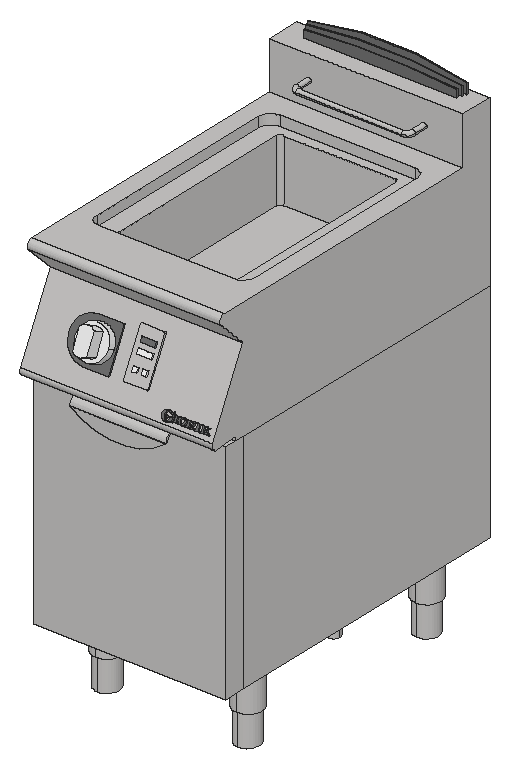
Revit family "QF_GIORIK_FE7113M", category Specialty Equipment, Revit 2014
Parameters (values of type "FE7113M")
  Weight in Pounds = 105.8218
  Watts = 12000 W
  Volts = 400 V
  URL Cutsheet = "www.giorik.com"
  URL = "www.giorik.com"
  Status [instance] = ""
  Specification by User [instance] = ""
  Specification by Manufacturer = ""
  Show Logo [instance] = yes
  Show Clearance [instance] = yes
  Serial Number = ""
  Seismic Rating = ""
  SMACNA No = ""
  Revision Code [instance] = ""
  Phase = 3
  Number of Poles [instance] = 3
  NAFEM Spec ID Number = ""
  Model = "FE7113M"
  Min Ckt Ampacity = 0 A
  Max Overcurrent Protection = 0 A
  Masterspec = ""
  Manufacturer = "GIORIK"
  Item Number [instance] = ""
  Installed By [instance] = ""
  Identify Quantity as Lot [instance] = no
  HP = "16.092240000000"
  Furnished By [instance] = ""
  Foodservice Equipment Identifier [instance] = yes
  FL Amps = 0 A
  Electrical Remarks [instance] = ""
  Electric Connection Type [instance] = ""
  Elec Conn RI Height [instance] = 0 mm
  Elec Conn Connection Height [instance] = 150 mm
  Description = "13 LITRE MELTING ELECTRIC FRYER."
  Cycle = 50 Hz
  Conn Plug = ""
  CSI MasterFormat = ""
  Assembly Code = "E1090320"
  Apparent Power = 12000 VA
Reference planes
  plane 1 "Back": y = 0
  plane 2: z = 0
  plane 3 "Left": x = 0
  plane 4 "Right": x = 400
  plane 5 "Front": y = -720
  plane 6 "Top": z = 900
Forms (mm)
  Extrusion 1, solid, visible <- "Show Logo"
    sketch origin (196.604, -736.761, 609.486) x (-1, 0, 0) y (0, 0.452718, 0.891654)
      loop
        line (-118.824, 58.358) -> (-127.804, 58.358) -> (-125.523, 56.445) -> (-125.523, 48.027) -> (-127.804, 46.113) -> (-118.824, 46.113) -> (-121.105, 48.027) -> (-121.105, 56.445) -> (-118.824, 58.358)
      loop
        line (-163.721, 58.358) -> (-172.7, 58.358) -> (-170.42, 56.445) -> (-170.42, 48.027) -> (-172.7, 46.113) -> (-163.721, 46.113) -> (-166.001, 48.027) -> (-166.001, 56.445) -> (-163.721, 58.358)
      loop
        line (-174.332, 58.358) -> (-183.312, 58.358) -> (-181.031, 56.445) -> (-181.031, 52.435) -> (-186.419, 56.955) -> (-184.416, 58.358) -> (-191.268, 58.358) -> (-188.01, 56.839) -> (-185.455, 54.283) -> (-190.846, 47.858) -> (-193.396, 46.93) -> (-193.396, 46.113) -> (-184.416, 46.113) -> (-185.437, 47.571) -> (-182.443, 51.552) -> (-181.031, 50.894) -> (-181.031, 48.027) -> (-183.312, 46.113) -> (-174.332, 46.113) -> (-176.613, 48.027) -> (-176.613, 56.445) -> (-174.332, 58.358)
      loop
        line (-115.429, 62.063) -> (-115.429, 54.198)
        arc (-115.429, 54.198) -> (-111.618, 57.803) -> (-106.847, 59.986) r 16.039
        arc (-106.847, 59.986) -> (-103.314, 59.837) -> (-100.512, 57.68) r 5.851
        arc (-100.512, 57.68) -> (-98.815, 52.267) -> (-100.512, 46.853) r 9.479
        arc (-100.512, 46.853) -> (-102.406, 44.986) -> (-104.846, 43.93) r 7.236
        arc (-104.846, 43.93) -> (-107.728, 44.111) -> (-110.052, 45.825) r 5.11
        line (-110.052, 45.825) -> (-110.052, 52.001) -> (-116.141, 52.001) -> (-116.141, 45.503) -> (-117.893, 43.751) -> (-114.094, 44.769)
        arc (-114.094, 44.769) -> (-112.56, 44.947) -> (-111.129, 44.366) r 3.115
        arc (-111.129, 44.366) -> (-104.216, 42.091) -> (-97.303, 44.366) r 11.641
        arc (-97.303, 44.366) -> (-93.396, 52.107) -> (-97.303, 59.849) r 9.622
        arc (-97.303, 59.849) -> (-104.369, 62.174) -> (-111.435, 59.849) r 11.898
        line (-111.435, 59.849) -> (-115.429, 62.063)
      loop
        arc (-129.234, 56.068) -> (-135.893, 58.628) -> (-142.552, 56.068) r 9.941
        arc (-142.552, 56.068) -> (-144.234, 52.286) -> (-142.552, 48.505) r 5.093
        arc (-142.552, 48.505) -> (-135.893, 45.945) -> (-129.234, 48.505) r 9.941
        arc (-129.234, 48.505) -> (-127.552, 52.286) -> (-129.234, 56.068) r 5.093
      loop
        arc (-132.628, 54.403) -> (-135.893, 57.668) -> (-139.158, 54.403) r 3.265
        line (-139.158, 54.403) -> (-139.158, 50.169)
        arc (-139.158, 50.169) -> (-135.893, 46.904) -> (-132.628, 50.169) r 3.265
        line (-132.628, 50.169) -> (-132.628, 54.403)
      loop
        arc (-156.363, 58.365) -> (-159.647, 55.081) -> (-156.363, 51.796) r 3.285
        line (-156.363, 51.796) -> (-159.529, 47.306) -> (-162.087, 46.113) -> (-155.847, 46.113) -> (-153.529, 51.083) -> (-150.637, 51.083) -> (-150.637, 47.784) -> (-153.022, 46.113) -> (-144.011, 46.113) -> (-146.094, 47.68) -> (-146.094, 56.493) -> (-144.229, 58.365) -> (-156.363, 58.365)
      loop
        line (-150.637, 57.512) -> (-153.637, 57.512)
        arc (-153.637, 57.512) -> (-156.237, 54.912) -> (-153.637, 52.312) r 2.6
        line (-153.637, 52.312) -> (-150.637, 52.312) -> (-150.637, 57.512)
      loop
        line (-108.924, 52.001) -> (-104.936, 49.005) -> (-100.948, 52.001) -> (-108.924, 52.001)
    from 1.5 to -0.5
  Extrusion 2, solid
    sketch origin (-16, 1025.81, 0) x (1, 0, 0) y (0, 1, 0)
      loop
        line (25, -1086.81) -> (25, -1156.81) -> (115, -1156.81) -> (115, -1086.81) -> (25, -1086.81)
    from 148 to 150
  Extrusion 3, solid
    sketch origin (0, 1000, -20) x (0, 1, 0) y (0, 0, 1)
      loop
        line (-1000, 989.988) -> (-1070, 989.988) -> (-1070, 889.988) -> (-1688.806, 889.988)
        arc (-1688.806, 889.988) -> (-1699.151, 883.075) -> (-1696.724, 870.873) r 11.197
        line (-1696.724, 870.873) -> (-1640.876, 815.025) -> (-1718.948, 661.258)
        arc (-1718.948, 661.258) -> (-1718.233, 650.105) -> (-1708.118, 645.354) r 10.981
        line (-1708.118, 645.354) -> (-1660, 649.925) -> (-1660, 640) -> (-1000, 640) -> (-1000, 989.988)
    from 0 to 400
  Extrusion 4, solid
    sketch origin (0, 0, 599.536) x (1, 0, 0) y (0, 1, 0)
      loop
        line (0, -640) -> (40, -640) -> (40, -40) -> (360, -40) -> (360, -640) -> (400, -640) -> (400, 0) -> (0, 0) -> (0, -640)
    from -449.536 to 20.464
  Extrusion 5, solid
    sketch origin (0, 0, 0) x (1, 0, 0) y (0, 1, 0)
      loop
        line (40, -40) -> (40, -640) -> (360, -640) -> (360, -40) -> (40, -40)
    from 150 to 190
  Extrusion 6, solid
    sketch origin (-16, 560.81, 0) x (1, 0, 0) y (0, 1, 0)
      loop
        line (25, -1086.81) -> (25, -1156.81) -> (115, -1156.81) -> (115, -1086.81) -> (25, -1086.81)
    from 148 to 150
  Revolve 7, solid
    sketch origin (54, 560.81, 0) x (0, 1, 0) y (0, 0, 1)
      loop
        line (-1092.56, 66) -> (-1092.56, 148) -> (-1121.81, 148) -> (-1121.81, 0) -> (-1096.81, 0) -> (-1096.81, 66) -> (-1092.56, 66)
      axis (-1121.81, 0) -> (-1121.81, 148)
    angle from 0 to 360
  Revolve 8, solid
    sketch origin (54, 1025.81, 0) x (0, 1, 0) y (0, 0, 1)
      loop
        line (-1092.56, 66) -> (-1092.56, 148) -> (-1121.81, 148) -> (-1121.81, 0) -> (-1096.81, 0) -> (-1096.81, 66) -> (-1092.56, 66)
      axis (-1121.81, 0) -> (-1121.81, 148)
    angle from 0 to 360
  Extrusion 9, solid
    sketch origin (416, 560.81, 0) x (-1, 0, 0) y (0, -1, 0)
      loop
        line (25, 1086.81) -> (115, 1086.81) -> (115, 1156.81) -> (25, 1156.81) -> (25, 1086.81)
    from 148 to 150
  Revolve 10, solid
    sketch origin (346, 560.81, 0) x (0, 1, 0) y (0, 0, -1)
      loop
        line (-1092.56, -66) -> (-1096.81, -66) -> (-1096.81, 0) -> (-1121.81, 0) -> (-1121.81, -148) -> (-1092.56, -148) -> (-1092.56, -66)
      axis (-1121.81, 0) -> (-1121.81, -148)
    angle from 0 to 360
  Extrusion 11, solid
    sketch origin (416, -1217.81, 0) x (-1, 0, 0) y (0, -1, 0)
      loop
        line (25, -1086.81) -> (25, -1156.81) -> (115, -1156.81) -> (115, -1086.81) -> (25, -1086.81)
    from 148 to 150
  Revolve 12, solid
    sketch origin (346, -1217.81, 0) x (0, -1, 0) y (0, 0, 1)
      loop
        line (-1092.56, 66) -> (-1092.56, 148) -> (-1121.81, 148) -> (-1121.81, 0) -> (-1096.81, 0) -> (-1096.81, 66) -> (-1092.56, 66)
      axis (-1121.81, 0) -> (-1121.81, 148)
    angle from 0 to 360
  Extrusion 13, solid
    sketch origin (-293.221, -963.345, 52.363) x (1, 0, 0) y (0, 0.452718, 0.891654)
      loop
        line (463.221, 676.25) -> (463.221, 766.25) -> (409.698, 766.25)
        arc (409.698, 766.25) -> (364.698, 721.25) -> (409.698, 676.25) r 45
        line (409.698, 676.25) -> (463.221, 676.25)
    from 48 to 50
  Extrusion 14, solid
    sketch origin (481.331, -1008.697, 74.959) x (-1, 0, 0) y (0, -0.45351, -0.891251)
      loop
        circle (351.331, -721.346) r 35
    from 0 to 15
  Extrusion 15, solid
    sketch origin (481.331, -1008.697, 74.959) x (-1, 0, 0) y (0, -0.45351, -0.891251)
      loop
        arc (336.331, -743.846) -> (351.331, -748.846) -> (366.331, -743.846) r 25
        line (366.331, -743.846) -> (366.331, -698.846)
        arc (366.331, -698.846) -> (351.331, -693.846) -> (336.331, -698.846) r 25
        line (336.331, -698.846) -> (336.331, -743.846)
    from 15 to 40
  Extrusion 16, solid
    sketch origin (-94, 0, 59.999) x (1, 0, 0) y (0, 0, 1)
      loop
        line (135, 909.989) -> (453, 909.989) -> (453, 925.527) -> (347.056, 931.749) -> (240.944, 931.749) -> (135, 925.527) -> (135, 909.989)
    from 32 to 35
  Extrusion 17, solid
    sketch origin (-92, 10, 59.999) x (1, 0, 0) y (0, 0, 1)
      loop
        line (454, 909.989) -> (454, 928.527) -> (346.162, 939.193) -> (237.838, 939.193) -> (130, 928.527) -> (130, 909.989) -> (454, 909.989)
    from 32 to 35
  Extrusion 18, solid
    sketch origin (-90, 20, 59.999) x (1, 0, 0) y (0, 0, 1)
      loop
        line (455, 909.989) -> (455, 930.527) -> (345.396, 947.413) -> (234.604, 947.413) -> (125, 930.527) -> (125, 909.989) -> (455, 909.989)
    from 32 to 35
  Extrusion 19, void
    sketch origin (0, 0, 819.988) x (0, 1, 0) y (-1, 0, 0)
      loop
        arc (-120, -60) -> (-127.322, -42.322) -> (-145, -35) r 25
        line (-145, -35) -> (-565.002, -35)
        arc (-565.002, -35) -> (-582.68, -42.322) -> (-590.002, -60) r 25
        line (-590.002, -60) -> (-590.002, -340)
        arc (-590.002, -340) -> (-582.68, -357.678) -> (-565.002, -365) r 25
        line (-565.002, -365) -> (-145, -365)
        arc (-145, -365) -> (-127.322, -357.678) -> (-120, -340) r 25
        line (-120, -340) -> (-120, -60)
    from -100 to 50
  Extrusion 20, solid
    sketch origin (0, 0, 900) x (0, 1, 0) y (-1, 0, 0)
      loop
        arc (-120, -60) -> (-127.322, -42.322) -> (-145, -35) r 25
        line (-145, -35) -> (-565.002, -35)
        arc (-565.002, -35) -> (-582.68, -42.322) -> (-590.002, -60) r 25
        line (-590.002, -60) -> (-590.002, -340)
        arc (-590.002, -340) -> (-582.68, -357.678) -> (-565.002, -365) r 25
        line (-565.002, -365) -> (-145, -365)
        arc (-145, -365) -> (-127.322, -357.678) -> (-120, -340) r 25
        line (-120, -340) -> (-120, -60)
      loop
        arc (-140, -85.011) -> (-142.929, -77.94) -> (-150, -75.011) r 10
        line (-150, -75.011) -> (-555.002, -75.011)
        arc (-555.002, -75.011) -> (-562.073, -77.94) -> (-565.002, -85.011) r 10
        line (-565.002, -85.011) -> (-565.002, -315)
        arc (-565.002, -315) -> (-562.073, -322.071) -> (-555.002, -325) r 10
        line (-555.002, -325) -> (-150, -325)
        arc (-150, -325) -> (-142.929, -322.071) -> (-140, -315) r 10
        line (-140, -315) -> (-140, -85.011)
    from -180.012 to -50
  Extrusion 21, solid
    sketch origin (0, -725, 0) x (1, 0, 0) y (0, 0, 1)
      loop
        line (0, 620) -> (0, 150) -> (400, 150) -> (400, 620) -> (0, 620)
    from -85 to -40
  Extrusion 22, solid
    sketch origin (2.5, -725, -20.1) x (0, 1, 0) y (0, 0, 1)
      loop
        arc (25, 640.1) -> (14.393, 635.707) -> (10, 625.1) r 15
        line (10, 625.1) -> (12, 625.1)
        arc (12, 625.1) -> (15.808, 634.292) -> (25, 638.1) r 13
        line (25, 638.1) -> (40, 638.1) -> (40, 640.1) -> (25, 640.1)
    from 97.5 to 297.5
  Extrusion 23, solid
    sketch origin (2.5, -724.905, -20.1) x (1, 0, 0) y (0, 0, 1)
      loop
        arc (97.5, 625.1) -> (197.5, 590.089) -> (297.5, 625.1) r 160.316
        line (297.5, 625.1) -> (97.5, 625.1)
    from -11.905 to -9.905
  Extrusion 24, solid, visible <- "Show Clearance", detail levels coarse
    sketch origin (395, -725, 0) x (-1, 0, 0) y (0, -1, 0)
      loop
        line (-5, -40) -> (395, -40)
        arc (395, -40) -> (277.534, 241.069) -> (-5, 354.968) r 395
        line (-5, 354.968) -> (-5, -40)
    from 150 to 620
  Extrusion 25, solid
    sketch origin (0, 0, 100) x (0, 1, 0) y (-1, 0, 0)
      loop
        circle (-380, -380) r 12.5
    from 30 to 50
  Sweep 26, solid
    path origin (0, 0, 919.988) x (0, 1, 0) y (-1, 0, 0)
      loop
        line (-70, -80) -> (-100, -80)
        arc (-100, -80) -> (-107.071, -82.929) -> (-110, -90) r 10
        line (-110, -90) -> (-110, -310)
        arc (-110, -310) -> (-107.071, -317.071) -> (-100, -320) r 10
        line (-100, -320) -> (-70, -320)
    profile origin (80, -85, 919.988) x (1, 0, 0) y (0, 0, 1)
      loop
        circle (0, 0) r 5
  Extrusion 27, solid
    sketch origin (-324.127, -1033.637, 21.856) x (1, 0, 0) y (0, 0.453086, 0.891467)
      loop
        arc (527.687, 837.056) -> (525.919, 836.323) -> (525.187, 834.556) r 2.5
        line (525.187, 834.556) -> (525.187, 739.556)
        arc (525.187, 739.556) -> (525.919, 737.788) -> (527.687, 737.056) r 2.5
        line (527.687, 737.056) -> (572.687, 737.056)
        arc (572.687, 737.056) -> (574.454, 737.788) -> (575.187, 739.556) r 2.5
        line (575.187, 739.556) -> (575.187, 834.556)
        arc (575.187, 834.556) -> (574.454, 836.323) -> (572.687, 837.056) r 2.5
        line (572.687, 837.056) -> (527.687, 837.056)
    from 0 to 2
  Extrusion 28, solid
    sketch origin (-322.169, -1027.435, 34.058) x (1, 0, 0) y (0, 0.453086, 0.891467)
      loop
        line (533.229, 803.367) -> (533.229, 793.367) -> (563.229, 793.367) -> (563.229, 803.367) -> (533.229, 803.367)
    from 0 to 3
  Extrusion 29, solid
    sketch origin (-322.169, -1029.701, 29.601) x (1, 0, 0) y (0, 0.453086, 0.891467)
      loop
        line (533.229, 758.367) -> (533.229, 748.367) -> (543.229, 748.367) -> (543.229, 758.367) -> (533.229, 758.367)
    from 0 to 3
  Extrusion 30, solid
    sketch origin (-322.169, -1036.497, 16.229) x (1, 0, 0) y (0, 0.453086, 0.891467)
      loop
        line (533.229, 803.367) -> (533.229, 793.367) -> (563.229, 793.367) -> (563.229, 803.367) -> (533.229, 803.367)
    from 0 to 3
  Extrusion 31, solid
    sketch origin (-302.169, -1029.701, 29.601) x (1, 0, 0) y (0, 0.453086, 0.891467)
      loop
        line (533.229, 758.367) -> (533.229, 748.367) -> (543.229, 748.367) -> (543.229, 758.367) -> (533.229, 758.367)
    from 0 to 3
Cuts and joins
  Extrusion 19 cuts Extrusion 3
Lines and regions (mm)
  symbolic lines, style "200-EquipBorder-2D"
    curve 1: line (0, -720, 0) -> (400, -720, 0)
    curve 2: line (400, -720, 0) -> (400, 0, 0)
    curve 3: line (400, 0, 0) -> (0, 0, 0)
    curve 4: line (0, 0, 0) -> (0, -720, 0)
  symbolic lines, style "200-EquipInternal-2D"
    curve 5: line (35, -12, 900) -> (365, -12, 900)
    curve 6: line (365, -12, 900) -> (365, -15, 900)
    curve 7: line (365, -15, 900) -> (35, -15, 900)
    curve 8: line (35, -15, 900) -> (35, -12, 900)
    curve 9: line (38, -22, 900) -> (362, -22, 900)
    curve 10: line (362, -22, 900) -> (362, -25, 900)
    curve 11: line (362, -25, 900) -> (38, -25, 900)
    curve 12: line (38, -25, 900) -> (38, -22, 900)
    curve 13: line (41, -32, 900) -> (359, -32, 900)
    curve 14: line (359, -32, 900) -> (359, -35, 900)
    curve 15: line (359, -35, 900) -> (41, -35, 900)
    curve 16: line (41, -35, 900) -> (41, -32, 900)
    curve 17: line (340, -120, 900) -> (60, -120, 900)
    curve 18: arc (60, -120, 900) -> (42.322, -127.322, 900) -> (35, -145, 900) r 25
    curve 19: line (35, -145, 900) -> (35, -565, 900)
    curve 20: arc (365, -145, 900) -> (357.678, -127.322, 900) -> (340, -120, 900) r 25
    curve 21: arc (340, -590, 900) -> (357.633, -582.723, 900) -> (365, -565.128, 900) r 25
    curve 22: line (60, -590, 900) -> (340, -590, 900)
    curve 23: arc (35, -565, 900) -> (42.322, -582.678, 900) -> (60, -590, 900) r 25
    curve 24: line (365, -565.128, 900) -> (365, -145, 900)
    curve 27: line (85, -140, 900) -> (315, -140, 900)
    curve 28: line (325, -150, 900) -> (325, -555.002, 900)
    curve 29: line (75, -555.002, 900) -> (75, -150, 900)
    curve 30: line (315, -565.002, 900) -> (85, -565.002, 900)
    curve 31: arc (85, -140, 900) -> (77.929, -142.929, 900) -> (75, -150, 900) r 10
    curve 32: arc (315, -140, 900) -> (322.071, -142.929, 900) -> (325, -150, 900) r 10
    curve 33: arc (75, -555.002, 900) -> (77.929, -562.073, 900) -> (85, -565.002, 900) r 10
    curve 34: arc (315, -565.002, 900) -> (322.071, -562.073, 900) -> (325, -555.002, 900) r 10
    curve 35: line (75, -70, 900) -> (75, -99.667, 900)
    curve 36: line (85, -100, 900) -> (85, -70, 900)
    curve 37: line (89.989, -104.989, 900) -> (310.27, -104.989, 900)
    curve 38: line (315.032, -100.227, 900) -> (315.032, -70, 900)
    curve 39: line (325.032, -70, 900) -> (325.032, -100.301, 900)
    curve 40: line (310.333, -115, 900) -> (90.333, -115, 900)
    curve 41: arc (90.333, -115, 900) -> (79.491, -110.509, 900) -> (75, -99.667, 900) r 15.333
    curve 42: arc (85, -100, 900) -> (86.461, -103.528, 900) -> (89.989, -104.989, 900) r 4.989
    curve 43: arc (310.333, -115, 900) -> (320.727, -110.695, 900) -> (325.032, -100.301, 900) r 14.699
    curve 44: arc (315.032, -100.227, 900) -> (313.637, -103.594, 900) -> (310.27, -104.989, 900) r 4.762
    curve 45: line (0, -70, 900) -> (400, -70, 900)
  symbolic lines, style "QF_Door-Drawer Clearances", visible <- "Show Clearance", detail levels coarse
    curve 25: arc (400, -1079.968, 0) -> (130.204, -978.101, 0) -> (1.554, -720, 0) r 395
    curve 26: line (400, -720, 0) -> (400, -1079.968, 0)
Dimensions and locks
  plane 3 "Left" to plane 4 "Right" = 400 mm
  plane 5 "Front" to plane 1 "Back" = 720 mm
  plane 4 "Right" to plane 3 "Left" = 400 mm
  plane 1 "Back" to plane 5 "Front" = 720 mm
  plane 6 "Top" to level = 900 mm  (x2)
  aligned and locked: level to plane 2
Connectors
  electrical at (380, -380, 130), driven by "Apparent Power", driven by "Volts", driven by "Number of Poles"
    settings: on Extrusion 25, index 1, voltage 400 V, apparent load 0 VA, apparent load phase1 12000 VA, apparent load phase2 0 VA, apparent load phase3 0 VA, power factor 1, load classification "Other", number of poles 3, system type 31, power factor state 1, is connector primary yes, connector utility no, sub classification motor no, connector description "Electrical connection"
